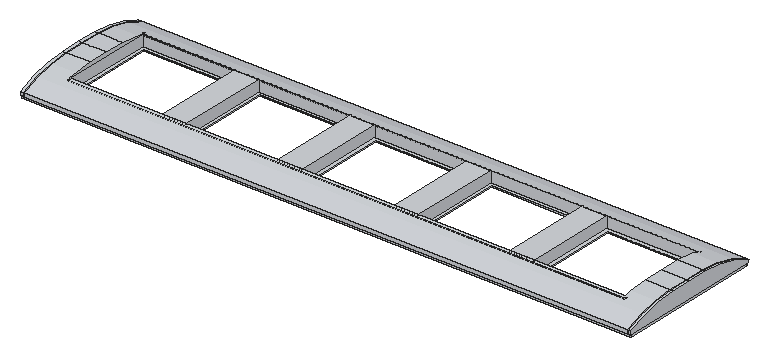
Revit family "Gira_021508", category Electrical Fixtures, host Face, Revit 2017
Family settings
  Host = Face
  Maintain Annotation Orientation = No
  Round Connector Dimension = Use Diameter
  Part Type = Normal
  Cut with Voids When Loaded = No
  Shared = No
  Room Calculation Point = No
Parameters (values of type "Cov.fr. 5-g interm.fr. AN Gira Event anthra.")
  With mounting grid = "No"
  With hinged lid = "No"
  URL = "http://katalog.gira.de/en/datenblatt.html?artikelnr=021508"
  Type of fastening = "Clamp mounting"
  Transparent = "No"
  Surface protection = "Other"
  Suitable for wall duct = "No"
  Suitable for flush-mounted installation = "Yes"
  Suitable for floor box = "No"
  Suitable for built-in installation = "No"
  Number of units vertical = "5"
  Number of units horizontal = "5"
  Number of units = "5"
  Name = "Cov.fr. 5-g interm.fr. AN Gira Event anthra."
  Mounting direction = "Horizontal and vertical"
  Material quality = "Thermoplastic"
  Material = "Plastic"
  Manufacturer URL = "https://www.gira.de/"
  Manufacturer = "Gira"
  Label space/information surface = "No"
  Keynote = ""
  HeinzeBIM = "https://bimportal.heinze.de/bim/cov-fr-5-g-interm-fr-an-gira-event-anthra-/5cda04778751acad20479a50ff7e2d126475f120"
  Halogen free = "Yes"
  HAN = "021508"
  GTIN = "4010337215080"
  Description = "Cov.fr.5g i.fr.AN Event AN,Gira Event frames,anthracite with anthracite intermediate frame,5-gang,Features:,- Shatter-proof."
  Degree of protection (IP) = "IP20"
  Default Elevation = 1219.2 mm
  Data sheet (1) = "https://katalog.gira.de/en/download.html?artikelnr=021508"
  Colour = "Anthracite"
  Category = "Cover frame for domestic switching devices"
  BIM (1) = "https://media.stage.bim.site/public/gira/36a6b08/Event_Rahmen_5fach.rfa"
  Available = "No"
Reference planes
  plane 1 "Center (Front/Back)": y = 0
  plane 2: z = 0
  plane 3 "Center (Left/Right)": x = 0
Forms (mm)
  Extrusion 1, solid, detail levels fine
    sketch origin (0, 0, 0.05) x (0, 1, 0) y (0, 0, 1)
      loop
        arc (12.445, 9.683) -> (6.223, 9.833) -> (0, 9.85) r 291.636
        arc (0, 9.85) -> (-6.223, 9.833) -> (-12.445, 9.683) r 291.636
        arc (-12.445, 9.683) -> (-29.14, 7.482) -> (-45, 1.823) r 79.728
        line (-45, 1.823) -> (-45, -0.05) -> (-42.086, -0.05)
        arc (-42.086, -0.05) -> (-21.385, 5.559) -> (0, 7.206) r 114.424
        arc (0, 7.206) -> (21.385, 5.559) -> (42.086, -0.05) r 114.424
        line (42.086, -0.05) -> (45, -0.05) -> (45, 1.823)
        arc (45, 1.823) -> (29.14, 7.482) -> (12.445, 9.683) r 79.728
    from -185.578 to 185.593
  Extrusion 2, void, detail levels fine
    sketch origin (0, 0, 0) x (1, 0, 0) y (0, 1, 0)
      loop
        line (170.607, 28) -> (-170.593, 28) -> (-170.593, -28) -> (170.607, -28) -> (170.607, 28)
    from 0.724 to 11
  Extrusion 3, solid, detail levels coarse
    sketch origin (0, 0, 0) x (1, 0, 0) y (0, 1, 0)
      loop
        line (-187.578, 45) -> (-187.578, -45) -> (187.593, -45) -> (187.593, 45) -> (-187.578, 45)
    from -1.5 to 9.9
  Extrusion 4, solid, detail levels medium
    sketch origin (0, 0, 0.05) x (0, 1, 0) y (0, 0, 1)
      loop
        arc (12.445, 9.683) -> (6.223, 9.833) -> (0, 9.85) r 291.636
        arc (0, 9.85) -> (-6.223, 9.833) -> (-12.445, 9.683) r 291.636
        arc (-12.445, 9.683) -> (-29.14, 7.482) -> (-45, 1.823) r 79.728
        line (-45, 1.823) -> (-45, -0.05) -> (45, -0.05) -> (45, 1.823)
        arc (45, 1.823) -> (29.14, 7.482) -> (12.445, 9.683) r 79.728
    from -187.578 to 187.593
  Extrusion 5, solid, detail levels fine
    sketch origin (-142.578, 0, -1.5) x (0, 1, 0) y (0, 0, -1)
      loop
        line (45, -3.373) -> (45, -1.5) -> (-45, -1.5) -> (-45, -3.373)
        arc (-45, -3.373) -> (-29.14, -9.032) -> (-12.445, -11.233) r 79.728
        arc (-12.445, -11.233) -> (-6.223, -11.383) -> (0, -11.4) r 291.636
        arc (0, -11.4) -> (6.223, -11.383) -> (12.445, -11.233) r 291.636
        arc (12.445, -11.233) -> (29.14, -9.032) -> (45, -3.373) r 79.728
    from 43 to 45
  Extrusion 6, solid, detail levels fine
    sketch origin (0, 0, 0) x (1, 0, 0) y (0, 1, 0)
      loop
        line (-168.493, 25.7) -> (-168.493, -25.7) -> (-116.693, -25.7) -> (-116.693, 25.7) -> (-168.493, 25.7)
      loop
        line (-45.398, -25.7) -> (-45.398, 25.7) -> (-97.198, 25.7) -> (-97.198, -25.7) -> (-45.398, -25.7)
      loop
        line (-171.487, 28.49) -> (-171.487, -28.495)
        spline (-171.487, -28.495) -> (-171.479, -28.625) -> (-171.453, -28.754) -> (-171.411, -28.878) -> (-171.353, -28.995) -> (-171.281, -29.104) -> (-171.194, -29.202) -> (-171.096, -29.288) -> (-170.987, -29.361) -> (-170.87, -29.419) -> (-170.746, -29.461) -> (-170.618, -29.486) -> (-170.487, -29.495)
        line (-170.487, -29.495) -> (170.502, -29.495)
        spline (170.502, -29.495) -> (170.633, -29.486) -> (170.761, -29.461) -> (170.885, -29.419) -> (171.002, -29.361) -> (171.111, -29.288) -> (171.209, -29.202) -> (171.296, -29.104) -> (171.368, -28.995) -> (171.426, -28.878) -> (171.468, -28.754) -> (171.494, -28.625) -> (171.502, -28.495)
        line (171.502, -28.495) -> (171.502, 28.49)
        spline (171.502, 28.49) -> (171.494, 28.62) -> (171.468, 28.748) -> (171.426, 28.872) -> (171.368, 28.99) -> (171.296, 29.098) -> (171.209, 29.197) -> (171.111, 29.283) -> (171.002, 29.356) -> (170.885, 29.413) -> (170.761, 29.456) -> (170.633, 29.481) -> (170.502, 29.49)
        line (170.502, 29.49) -> (-170.487, 29.49)
        spline (-170.487, 29.49) -> (-170.618, 29.481) -> (-170.746, 29.456) -> (-170.87, 29.413) -> (-170.987, 29.356) -> (-171.096, 29.283) -> (-171.194, 29.197) -> (-171.281, 29.098) -> (-171.353, 28.99) -> (-171.411, 28.872) -> (-171.453, 28.748) -> (-171.479, 28.62) -> (-171.487, 28.49)
      loop
        line (25.902, -25.7) -> (25.902, 25.7) -> (-25.898, 25.7) -> (-25.898, -25.7) -> (25.902, -25.7)
      loop
        line (97.207, -25.7) -> (97.207, 25.7) -> (45.407, 25.7) -> (45.407, -25.7) -> (97.207, -25.7)
      loop
        line (168.507, -25.7) -> (168.507, 25.7) -> (116.707, 25.7) -> (116.707, -25.7) -> (168.507, -25.7)
    from 0.1 to 7.3
  Extrusion 7, solid
    sketch origin (0, 0, 0) x (1, 0, 0) y (0, 1, 0)
      loop
        arc (-187.293, -44.218) -> (-187.146, -44.572) -> (-186.793, -44.718) r 0.5
        line (-186.793, -44.718) -> (186.807, -44.718)
        arc (186.807, -44.718) -> (187.161, -44.572) -> (187.307, -44.218) r 0.5
        line (187.307, -44.218) -> (187.307, 44.182)
        arc (187.307, 44.182) -> (187.161, 44.535) -> (186.807, 44.682) r 0.5
        line (186.807, 44.682) -> (-186.793, 44.682)
        arc (-186.793, 44.682) -> (-187.146, 44.535) -> (-187.293, 44.182) r 0.5
        line (-187.293, 44.182) -> (-187.293, -44.218)
      loop
        line (-185.593, 42.982) -> (-185.593, -43.018) -> (185.607, -43.018) -> (185.607, 42.982) -> (-185.593, 42.982)
    from -1.5 to 0.5
  Extrusion 8, solid, detail levels fine
    sketch origin (142.593, 0, -1.5) x (0, 1, 0) y (0, 0, 1)
      loop
        arc (45, 3.373) -> (29.14, 9.032) -> (12.445, 11.233) r 79.728
        arc (12.445, 11.233) -> (6.223, 11.383) -> (0, 11.4) r 291.636
        arc (0, 11.4) -> (-6.223, 11.383) -> (-12.445, 11.233) r 291.636
        arc (-12.445, 11.233) -> (-29.14, 9.032) -> (-45, 3.373) r 79.728
        line (-45, 3.373) -> (-45, 1.5) -> (45, 1.5) -> (45, 3.373)
    from 43 to 45
  Extrusion 9, solid, detail levels medium
    sketch origin (0, 0, 0) x (1, 0, 0) y (0, 1, 0)
      loop
        line (-187.293, -44.718) -> (187.307, -44.718) -> (187.307, 44.682) -> (-187.293, 44.682) -> (-187.293, -44.718)
    from -1.5 to 0.5
  Extrusion 10, solid, detail levels fine
    sketch origin (-105.5, 0, 0) x (1, 0, 0) y (0, 1, 0)
      loop
        line (-8.943, 28.063) -> (-8.943, -27.937) -> (6.057, -27.937) -> (6.057, 28.063) -> (-8.943, 28.063)
    from 0.724 to 7.566
  Extrusion 11, solid, detail levels fine
    sketch origin (-37.085, 0, 0) x (-1, 0, 0) y (0, -1, 0)
      loop
        line (-8.943, -28.063) -> (6.057, -28.063) -> (6.057, 27.937) -> (-8.943, 27.937) -> (-8.943, -28.063)
    from 0.724 to 7.566
  Extrusion 12, solid, detail levels fine
    sketch origin (105.5, 0, 0) x (-1, 0, 0) y (0, -1, 0)
      loop
        line (-8.943, -28.063) -> (6.057, -28.063) -> (6.057, 27.937) -> (-8.943, 27.937) -> (-8.943, -28.063)
    from 0.724 to 7.566
  Extrusion 13, solid, detail levels fine
    sketch origin (37.085, 0, 0) x (1, 0, 0) y (0, 1, 0)
      loop
        line (-8.943, 28.063) -> (-8.943, -27.937) -> (6.057, -27.937) -> (6.057, 28.063) -> (-8.943, 28.063)
    from 0.724 to 7.566
Cuts and joins
  Extrusion 2 cuts Extrusion 1
  Extrusion 2 cuts Extrusion 6
Dimensions and locks
  aligned and locked: plane 2 to host face
  aligned and locked: level to host face
